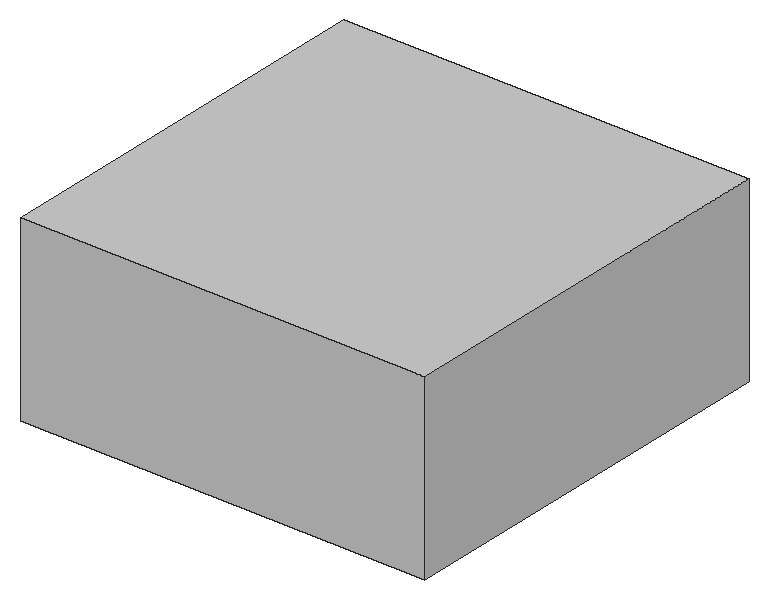
Revit family "M_Cobertura do pilar-Retangular", category Fundações estruturais, Revit 2019
Family settings
  Material para o comportamento do modelo = Concreto
  Cap = Não
  Número OmniClass = 23.25.05.11.11.27
  Título OmniClass = Pile Caps
  ID de item do Seek = Pile Cap-Rectangular-0000-CAN-ENU
  Com base no plano de trabalho = Não
  Sempre na vertical = Sim
  Corte com vazios quando carregada = Não
  Compartilhado = Não
Parameters (values of type "2000 x 2000 x 900mm")
  Largura = 2000 mm
  Structural Material [instance] = Concreto, Moldado no local - Cinza
  Comprimento = 2000 mm
  Espessura da fundação = 900 mm
  Assembly Code = ""
Types (3, lengths in mm): name | Largura | Comprimento
  (no name) | 2000 | 2000
  2000 x 2000 x 900mm | 2000 | 2000
  2600 x 1650 x 1100mm | 1650 | 2600
Reference planes
  plane 1 "Centro (Frente/Trás)": y = 0
  plane 2: z = 0
  plane 3 "Centro (Esquerda/Direita)": x = 0
  plane 4: x = -1000
  plane 5: x = 1000
  plane 6: y = 1000
  plane 7: y = -1000
Forms (mm)
  Extrusion 1, solid, material "Concreto, Moldado no local - Cinza" <- "Structural Material"
    sketch origin (0, 0, 0) x (1, 0, 0) y (0, 1, 0)
      loop
        line (-1000, 1000) -> (-1000, -1000) -> (1000, -1000) -> (1000, 1000) -> (-1000, 1000)
    from -900 to 0
Dimensions and locks
  "Espessura da fundação": plane 2 to Extrusion 1
  "Largura": plane 4 to plane 5
  "Comprimento": plane 6 to plane 7
  equal spacing: plane 6, plane 1 "Centro (Frente/Trás)", plane 7
  equal spacing: plane 4, plane 3 "Centro (Esquerda/Direita)", plane 5
  aligned and locked: plane 4 to Extrusion 1 sketch curve
  aligned and locked: Extrusion 1 sketch curve to plane 5
  aligned and locked: Extrusion 1 sketch curve to plane 6
  aligned and locked: plane 7 to Extrusion 1 sketch curve
  aligned and locked: level to Extrusion 1
